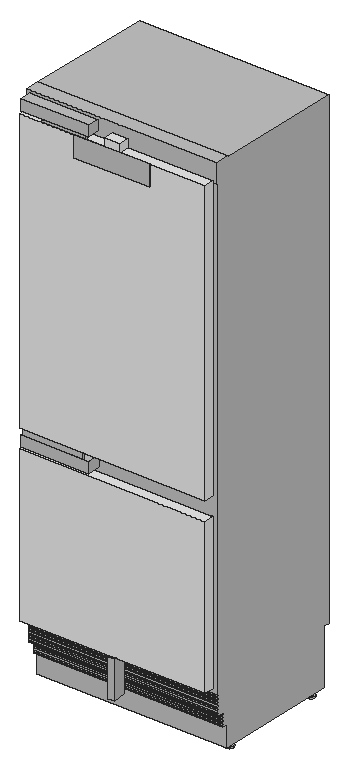
Revit family "FP-Revit20-en-RS3084WLUE1-FridgeFreezer-0-CA-US-90001082A", category Specialty Equipment, Revit 2020
Family settings
  Round Connector Dimension = Use Diameter
  Part Type = Normal
  OmniClass Number = 23.40.40.11.11
  OmniClass Title = Refrigerators and Freezers
  Work Plane-Based = No
  Always vertical = Yes
  Cut with Voids When Loaded = Yes
  Shared = No
  Room Calculation Point = No
Parameters (values of type "RS3084WLUE1")
  Visibility - Water Connection = yes
  Visibility - Visibility Control Note = yes
  Visibility - Clearance Required = yes
  URL = "www.fisherpaykel.com"
  Stainless Steel Door Panels (RD3084WLD) = no
  Product - Width = 756 mm  # constant formula
  Product - Height = 2134 mm  # constant formula
  Product - Depth (exl front panel) = 610 mm  # constant formula
  Model = "RS3084WLUE1"
  Material - Handle = Fisher & Paykel - Aluminium
  Material - Door Structure = Fisher & Paykel - White
  Material - Door Front = Fisher & Paykel - Stainless Steel
  Material - Body = Fisher & Paykel - Grey
  Manufacturer = "Fisher & Paykel Appliances"
  Handle Style - Professional Square (AHV2RD3084W) = no
  Handle Style - Professional Round Flush (AHP3RD3084W) = no
  Handle Style - Professional Round (AHCRD3084W) = no
  Handle Style - Contemporary Square Fine Black (AHD5RD3084WB) = no
  Handle Style - Contemporary Square Fine (AHD5RD3084W) = no
  Handle Style - Contemporary Square (AHD3RD3084W) = no
  Handle Style - Contemporary Round (AHSRD3084W) = no
  Description = "30\" Integrated Column Freezer with internal Ice & Water, White Interior"
  Default Elevation = 0 mm
  Connector Description - Water = "1/4\" (6mm) comp. stainless steel braided hose"
  Connector Description - Electrical = "120 V, 10 amp fused electrical supply"
  Cavity - Width = 762 mm  # constant formula
  Cavity - Height = 2134 mm  # constant formula
  Cavity - Depth = 635 mm  # constant formula
Reference planes
  plane 1 "Datum": y = 0
  plane 2: z = 0
  plane 3 "Center (Left/Right)": x = 0
  plane 4 "Product LHS": x = -378
  plane 5 "Product RHS": x = 378
  plane 6 "Product - Depth": y = 610
  plane 7 "Cavity LHS": x = -381
  plane 8 "Cavity RHS": x = 381
  plane 9 "Cavity - Depth": y = 635
  plane 10 "Handle Offset": x = 315
  plane 11 "Product Height": z = 2134
  plane 12 "Cavity Height": z = 2134
  plane 13 "Door Panel Datum": y = -4.1
Forms (mm)
  Extrusion 1, solid, material "Fisher & Paykel - Grey" <- "Material - Body", detail levels fine
    sketch origin (0, 0, 0) x (0, 1, 0) y (0, 0, 1)
      loop
        line (100.1, 19.1) -> (587.9, 19.1) -> (587.9, 239.7) -> (610, 239.7) -> (610, 2132.3) -> (105.1, 2132.3) -> (105.1, 2134) -> (49.9, 2134) -> (49.9, 2059) -> (56, 2059) -> (56, 228.6) -> (59.5, 228.6) -> (59.5, 219.7) -> (56.5, 219.7) -> (56.5, 215.9) -> (59.5, 215.9) -> (59.5, 207) -> (56.5, 207) -> (56.5, 203.2) -> (59.5, 203.2) -> (59.5, 194.3) -> (56.5, 194.3) -> (56.5, 190.5) -> (59.5, 190.5) -> (59.5, 181.6) -> (56.5, 181.6) -> (56.5, 177.8) -> (59.5, 177.8) -> (59.5, 168.9) -> (56.5, 168.9) -> (56.5, 165.1) -> (59.5, 165.1) -> (59.5, 156.2) -> (56.5, 156.2) -> (56.5, 152.4) -> (84.1, 152.4) -> (84.1, 143.5) -> (81.1, 143.5) -> (81.1, 139.7) -> (84.1, 139.7) -> (84.1, 130.8) -> (81.1, 130.8) -> (81.1, 127) -> (84.1, 127) -> (84.1, 118.1) -> (81.1, 118.1) -> (81.1, 114.3) -> (84.1, 114.3) -> (84.1, 105.4) -> (81.1, 105.4) -> (81.1, 101.6) -> (100.1, 101.6) -> (100.1, 19.1)
    from -378 to 378
  Extrusion 2, solid, material "Fisher & Paykel - Grey" <- "Material - Body"
    sketch origin (0, 0, 0) x (1, 0, 0) y (0, 1, 0)
      loop
        circle (-357.5, 547.8) r 4.1
      loop
        circle (-357.5, 141.8) r 4.1
      loop
        circle (357.5, 547.8) r 4.1
      loop
        circle (357.5, 141.8) r 4.1
    from 3 to 19.1
  Extrusion 3, solid, material "Fisher & Paykel - Grey" <- "Material - Body"
    sketch origin (0, 0, 0) x (1, 0, 0) y (0, 1, 0)
      loop
        circle (-357.5, 547.8) r 14.5
      loop
        circle (-357.5, 141.8) r 14.555
      loop
        circle (357.5, 547.8) r 14.5
      loop
        circle (357.5, 141.8) r 14.555
    from 0 to 3
  Extrusion 4, solid, material "Fisher & Paykel - Grey" <- "Material - Body", detail levels fine
    sketch origin (0, 0, 0) x (1, 0, 0) y (0, 1, 0)
      loop
        line (-7.5, 49) -> (-13.797, -4.1) -> (13.797, -4.1) -> (7.5, 49) -> (-7.5, 49)
    from 104.2 to 253.8
  Extrusion 5, solid, material "Fisher & Paykel - Grey" <- "Material - Body", detail levels fine
    sketch origin (0, 0, 0) x (0, 1, 0) y (0, 0, 1)
      loop
        line (0, 2070.6) -> (0, 1988.6) -> (2, 1988.6) -> (2, 2068.6) -> (4, 2068.6) -> (4, 2070.6) -> (0, 2070.6)
    from -150 to 150
  Extrusion 6, solid, material "Fisher & Paykel - Grey" <- "Material - Body"
    sketch origin (0, 0, 0) x (1, 0, 0) y (0, 0, 1)
      loop
        circle (303, 119.813) r 5
      loop
        circle (-303, 119.813) r 5
    from -590 to -587.9
  Extrusion 7, solid, material "Fisher & Paykel - White" <- "Material - Door Structure"
    sketch origin (0, 0, 0) x (1, 0, 0) y (0, 1, 0)
      loop
        line (-353, 56) -> (-353, 42) -> (353, 42) -> (353, 56) -> (-353, 56)
    from 951.3 to 2030.7
  Extrusion 8, solid, material "Fisher & Paykel - White" <- "Material - Door Structure"
    sketch origin (0, 0, 0) x (1, 0, 0) y (0, 1, 0)
      loop
        line (-369.4, 42) -> (-369.4, 3) -> (369.4, 3) -> (369.4, 42) -> (-369.4, 42)
    from 943.8 to 2068.6
  Extrusion 9, solid, material "Fisher & Paykel - White" <- "Material - Door Structure", detail levels fine
    sketch origin (0, 0, 0) x (1, 0, 0) y (0, 0, 1)
      loop
        line (-29.5, 2100.1) -> (-29.5, 2068.6) -> (29.5, 2068.6) -> (29.5, 2100.1) -> (-29.5, 2100.1)
    from -42 to -3
  Extrusion 10, solid, material "Fisher & Paykel - Stainless Steel" <- "Material - Door Front", visible <- "Stainless Steel Door Panels (RD3084WLD)"
    sketch origin (0, 0, 0) x (0, 1, 0) y (0, 0, 1)
      loop
        line (-22.1, 2130.8) -> (-22.1, 876.3) -> (-4.1, 876.3) -> (-4.1, 2130.8) -> (-22.1, 2130.8)
      loop
        line (-22.1, 102) -> (-4.1, 102) -> (-4.1, 873.1) -> (-22.1, 873.1) -> (-22.1, 102)
    from -378 to 378
  Extrusion 11, solid, material "Fisher & Paykel - Grey" <- "Material - Body", detail levels coarse+medium
    sketch origin (0, 0, 0) x (0, 1, 0) y (0, 0, 1)
      loop
        line (49.9, 2134) -> (49.9, 2059) -> (56, 2059) -> (56, 152.4) -> (81.1, 152.4) -> (81.1, 101.6) -> (100.1, 101.6) -> (100.1, 19.1) -> (587.9, 19.1) -> (587.9, 239.7) -> (610, 239.7) -> (610, 2134) -> (49.9, 2134)
    from -378 to 378
  Extrusion 12, solid, material "Fisher & Paykel - Grey" <- "Material - Body", detail levels fine
    sketch origin (0, 0, 0) x (-1, 0, 0) y (0, 0, -1)
      loop
        line (366.4, -877.25) -> (95.42, -877.25) -> (95.42, -919.35) -> (366.4, -919.35) -> (366.4, -877.25)
    from -56 to -2.5
  Extrusion 13, solid, material "Fisher & Paykel - Grey" <- "Material - Body", detail levels fine
    sketch origin (0, 0, 0) x (-1, 0, 0) y (0, 0, -1)
      loop
        line (366.4, -2123.15) -> (366.4, -2081.05) -> (95.42, -2081.05) -> (95.42, -2123.15) -> (366.4, -2123.15)
    from -49 to -2.5
  Extrusion 14, solid, material "Fisher & Paykel - Grey" <- "Material - Body", detail levels fine
    sketch origin (0, 0, -4) x (0, 1, 0) y (0, 0, 1)
      loop
        arc (163.888, 23.1) -> (180.4, 13.63) -> (196.912, 23.1) r 19.13
        line (196.912, 23.1) -> (163.888, 23.1)
      loop
        arc (493.888, 23.1) -> (510.4, 13.63) -> (526.912, 23.1) r 19.13
        line (526.912, 23.1) -> (493.888, 23.1)
    from 191 to 219
  Extrusion 15, solid, material "Fisher & Paykel - Grey" <- "Material - Body", detail levels fine
    sketch origin (0, 0, -4) x (0, 1, 0) y (0, 0, -1)
      loop
        line (163.888, -23.1) -> (196.912, -23.1)
        arc (196.912, -23.1) -> (180.4, -13.63) -> (163.888, -23.1) r 19.13
      loop
        line (493.888, -23.1) -> (526.912, -23.1)
        arc (526.912, -23.1) -> (510.4, -13.63) -> (493.888, -23.1) r 19.13
    from 191 to 219
  Extrusion 16, solid, material "Fisher & Paykel - Clearance Required", visible <- "Visibility - Clearance Required", detail levels coarse
    sketch origin (0, 0, 0) x (1, 0, 0) y (0, 1, 0)
      loop
        line (-381, 635) -> (-381, -4.1) -> (381, -4.1) -> (381, 635) -> (-381, 635)
    from 0 to 2134
  Extrusion 17, void
    sketch origin (0, 0, 0) x (1, 0, 0) y (0, 1, 0)
      loop
        line (-381, 635) -> (-381, -22.1) -> (381, -22.1) -> (381, 635) -> (-381, 635)
    from 0 to 2134
  Extrusion 18, solid, material "Fisher & Paykel - Grey" <- "Material - Body", detail levels fine
    sketch origin (0, 0, 0) x (-1, 0, 0) y (0, 0, -1)
      loop
        line (118.4, -943.8) -> (359.4, -943.8) -> (359.4, -919.35) -> (118.4, -919.35) -> (118.4, -943.8)
      loop
        line (106, -2081.05) -> (242.9, -2081.05) -> (282.9, -2076.05) -> (282.9, -2068.6) -> (106, -2068.6) -> (106, -2081.05)
    from -7 to -4
  Extrusion 19, solid, material "Fisher & Paykel - White" <- "Material - Door Structure"
    sketch origin (0, 0, 0) x (1, 0, 0) y (0, 1, 0)
      loop
        line (-369.4, 42) -> (-369.4, 3) -> (369.4, 3) -> (369.4, 42) -> (-369.4, 42)
    from 253.8 to 868.15
  Extrusion 20, solid, material "Fisher & Paykel - White" <- "Material - Door Structure"
    sketch origin (0, 0, 0) x (1, 0, 0) y (0, 1, 0)
      loop
        line (-353, 56) -> (-353, 42) -> (353, 42) -> (353, 56) -> (-353, 56)
    from 269.2 to 858.13
  Extrusion 21, solid, material "Fisher & Paykel - Clearance Required", visible <- "Visibility - Clearance Required", detail levels coarse
    sketch origin (0, 0, 0) x (0, 1, 0) y (0, 0, 1)
      loop
        line (-422.1, 873.1) -> (-422.1, 818.896) -> (-482.1, 818.896) -> (-482.1, 781.896) -> (-422.1, 781.896) -> (-422.1, 101.6) -> (-22.1, 101.6) -> (-22.1, 873.1) -> (-422.1, 873.1)
    from -381 to 381
  Extrusion 22, solid, material "Fisher & Paykel - Clearance Required", visible <- "Visibility - Clearance Required", detail levels coarse
    sketch origin (0, -0.697, 0) x (-1, 0, 0) y (0, -1, 0)
      loop
        line (301.5, 21.403) -> (378, 21.403)
        arc (378, 21.403) -> (380.992, 56.377) -> (415.915, 59.919) r 27.5
        line (415.915, 59.919) -> (697.006, 664.698) -> (723.252, 652.5)
        arc (723.252, 652.5) -> (747.815, 661.439) -> (738.875, 686.002) r 18.483
        line (738.875, 686.002) -> (712.602, 698.253) -> (734.604, 745.593)
        arc (734.604, 745.593) -> (-22.015, 691.254) -> (-378, 21.403) r 783.517
        line (-378, 21.403) -> (301.5, 21.403)
    from 876.3 to 2134
Lines and regions (mm)
  model lines, style "Fisher & Paykel"
    curve 1: line (-378, -4.1, 2130.8) -> (378, -4.1, 2130.8)
    curve 2: line (-378, -4.1, 876.3) -> (-378, -4.1, 2130.8)
    curve 3: line (378, -4.1, 876.3) -> (-378, -4.1, 876.3)
    curve 4: line (378, -4.1, 2130.8) -> (378, -4.1, 876.3)
    curve 5: line (378, -4.1, 873.1) -> (-378, -4.1, 873.1)
    curve 6: line (378, -4.1, 102) -> (378, -4.1, 873.1)
    curve 7: line (-378, -4.1, 102) -> (378, -4.1, 102)
    curve 8: line (-378, -4.1, 873.1) -> (-378, -4.1, 102)
Text (mm)
  text "Due to ongoing product development, product details are subject to change without notice. \nPlease always refer to www.fisherpaykel.com for the most current product information. \n© Fisher & Paykel 2020" at (41.04, -878.295, 0), in view "Ref. Level (Plan)"
Dimensions and locks
  equal spacing: plane 4 "Product LHS", plane 3 "Center (Left/Right)", plane 5 "Product RHS"
  "Product - Width": plane 4 "Product LHS" to plane 5 "Product RHS"
  "Product - Depth (exl front panel)": plane 1 "Datum" to plane 6 "Product - Depth"
  equal spacing: plane 7 "Cavity LHS", plane 3 "Center (Left/Right)", plane 8 "Cavity RHS"
  "Cavity - Width": plane 7 "Cavity LHS" to plane 8 "Cavity RHS"
  "Cavity - Depth": plane 9 "Cavity - Depth" to plane 1 "Datum"
  plane 4 "Product LHS" to Extrusion 2 sketch curve = 24.6 mm
  plane 4 "Product LHS" to plane 10 "Handle Offset" = 693 mm
  Extrusion 6 sketch curve to Extrusion 1 = 119.887 mm  (x2)
  Extrusion 6 sketch curve to plane 5 "Product RHS" = 75 mm
  plane 4 "Product LHS" to Extrusion 6 sketch curve = 75 mm
  Extrusion 1 sketch curve to Extrusion 1 sketch curve = 82.5 mm
  Extrusion 1 sketch curve to Extrusion 1 sketch curve = 209.5 mm
  Extrusion 1 sketch curve to Extrusion 1 sketch curve = 220.6 mm
  Extrusion 3 to level = 3 mm
  Extrusion 11 to Extrusion 8 = 924.7 mm
  Extrusion 11 to Extrusion 7 = 932.2 mm
  Extrusion 11 to Extrusion 11 = 2114.9 mm
  Extrusion 11 to Extrusion 10 = 82.9 mm
  "Product - Height": level to plane 11 "Product Height"
  plane 11 "Product Height" to Extrusion 10 = 3.2 mm
  Extrusion 8 to plane 11 "Product Height" = 65.4 mm
  Extrusion 7 to plane 11 "Product Height" = 103.3 mm
  Extrusion 11 sketch curve to plane 11 "Product Height" = 75 mm
  Extrusion 1 sketch curve to plane 11 "Product Height" = 1.7 mm
  Extrusion 1 sketch curve to plane 11 "Product Height" = 75 mm
  "Cavity - Height": plane 12 "Cavity Height" to level
  plane 1 "Datum" to Extrusion 16 = 635 mm
  plane 1 "Datum" to Extrusion 17 = 635 mm
  Extrusion 18 sketch curve to Extrusion 18 sketch curve = 40 mm
  Extrusion 18 sketch curve to Extrusion 18 sketch curve = 176.9 mm
  plane 3 "Center (Left/Right)" to Extrusion 18 sketch curve = 106 mm
  plane 3 "Center (Left/Right)" to Extrusion 18 sketch curve = 118.4 mm
  Extrusion 17 to level = 2134 mm
  Extrusion 1 to Extrusion 12 sketch curve = 282.58 mm
  Extrusion 1 to Extrusion 13 sketch curve = 282.58 mm
  radius of Extrusion 6 sketch curve = 5 mm
  aligned and locked: level to plane 2
  aligned and locked: Extrusion 10 to plane 5 "Product RHS"
  aligned and locked: plane 4 "Product LHS" to Extrusion 10
  aligned and locked: Extrusion 11 to plane 5 "Product RHS"
  aligned and locked: Extrusion 11 to plane 4 "Product LHS"
  aligned and locked: Extrusion 11 sketch curve to plane 11 "Product Height"
  aligned and locked: plane 11 "Product Height" to Extrusion 1 sketch curve
  aligned and locked: Extrusion 14 sketch curve to Extrusion 14 sketch curve
  aligned and locked: Extrusion 15 sketch curve to Extrusion 15 sketch curve
  aligned and locked: Extrusion 1 to plane 5 "Product RHS"
  aligned and locked: plane 4 "Product LHS" to Extrusion 1
  aligned and locked: nested 2 to plane 10 "Handle Offset"
  aligned and locked: nested 3 to plane 10 "Handle Offset"
  aligned and locked: nested 4 to plane 10 "Handle Offset"
  aligned and locked: nested 5 to plane 10 "Handle Offset"
  aligned and locked: nested 6 to plane 10 "Handle Offset"
  aligned and locked: nested 7 to plane 10 "Handle Offset"
  aligned and locked: nested 8 to plane 10 "Handle Offset"
Automatic sketch dimensions
  Extrusion 1 sketch curve to plane 6 "Product - Depth" = 0 mm
  Extrusion 1 sketch curve to Extrusion 1 sketch curve = 22.1 mm
  Extrusion 1 sketch curve to plane 1 "Datum" = 105.1 mm
  level to Extrusion 1 sketch curve = 19.1 mm
  Extrusion 1 sketch curve to plane 1 "Datum" = 100.1 mm
  Extrusion 1 sketch curve to Extrusion 1 sketch curve = 16 mm
  Extrusion 1 sketch curve to Extrusion 1 sketch curve = 0 mm  (x8)
  Extrusion 1 sketch curve to Extrusion 1 sketch curve = 3 mm  (x10)
  Extrusion 1 sketch curve to plane 1 "Datum" = 59.5 mm
  Extrusion 1 sketch curve to plane 1 "Datum" = 56 mm
  Extrusion 1 sketch curve to plane 1 "Datum" = 49.9 mm
  Extrusion 1 sketch curve to Extrusion 1 sketch curve = 3.8 mm  (x10)
  Extrusion 1 sketch curve to Extrusion 1 sketch curve = 8.9 mm  (x9)
  Extrusion 2 sketch curve to plane 4 "Product LHS" = 20.5 mm  (x2)
  plane 5 "Product RHS" to Extrusion 2 sketch curve = 20.5 mm  (x2)
  Extrusion 2 sketch curve to plane 1 "Datum" = 141.8 mm  (x2)
  Extrusion 2 sketch curve to plane 6 "Product - Depth" = 62.2 mm  (x2)
  Extrusion 3 sketch curve to plane 4 "Product LHS" = 20.5 mm  (x2)
  plane 5 "Product RHS" to Extrusion 3 sketch curve = 20.5 mm  (x2)
  Extrusion 3 sketch curve to plane 1 "Datum" = 141.8 mm  (x2)
  Extrusion 3 sketch curve to plane 6 "Product - Depth" = 62.2 mm  (x2)
  plane 1 "Datum" to Extrusion 4 sketch curve = 4.1 mm
  Extrusion 4 sketch curve to plane 3 "Center (Left/Right)" = 13.797 mm
  Extrusion 4 sketch curve to plane 3 "Center (Left/Right)" = 7.5 mm
  plane 3 "Center (Left/Right)" to Extrusion 4 sketch curve = 7.5 mm
  plane 3 "Center (Left/Right)" to Extrusion 4 sketch curve = 13.797 mm
  Extrusion 4 sketch curve to plane 1 "Datum" = 49 mm
  Extrusion 5 sketch curve to plane 1 "Datum" = 0 mm
  Extrusion 5 sketch curve to plane 1 "Datum" = 2 mm
  Extrusion 5 sketch curve to Extrusion 5 sketch curve = 2 mm  (x2)
  plane 11 "Product Height" to Extrusion 5 sketch curve = 145.4 mm
  plane 11 "Product Height" to Extrusion 5 sketch curve = 65.4 mm
  Extrusion 7 sketch curve to plane 4 "Product LHS" = 25 mm
  plane 5 "Product RHS" to Extrusion 7 sketch curve = 25 mm
  Extrusion 7 sketch curve to plane 1 "Datum" = 42 mm
  Extrusion 7 sketch curve to Extrusion 7 sketch curve = 14 mm
  Extrusion 8 sketch curve to plane 1 "Datum" = 3 mm
  Extrusion 8 sketch curve to plane 4 "Product LHS" = 8.6 mm
  plane 5 "Product RHS" to Extrusion 8 sketch curve = 8.6 mm
  Extrusion 8 sketch curve to Extrusion 8 sketch curve = 39 mm
  Extrusion 9 sketch curve to plane 3 "Center (Left/Right)" = 29.5 mm
  plane 3 "Center (Left/Right)" to Extrusion 9 sketch curve = 29.5 mm
  plane 11 "Product Height" to Extrusion 9 sketch curve = 65.4 mm
  Extrusion 9 sketch curve to Extrusion 9 sketch curve = 31.5 mm
  Extrusion 11 sketch curve to plane 6 "Product - Depth" = 0 mm
  Extrusion 11 sketch curve to plane 6 "Product - Depth" = 22.1 mm
  Extrusion 11 sketch curve to plane 1 "Datum" = 100.1 mm
  Extrusion 11 sketch curve to Extrusion 11 sketch curve = 19 mm
  Extrusion 11 sketch curve to plane 1 "Datum" = 56 mm
  Extrusion 11 sketch curve to plane 1 "Datum" = 49.9 mm
  level to Extrusion 11 sketch curve = 239.7 mm
  level to Extrusion 11 sketch curve = 152.4 mm
  Extrusion 11 sketch curve to Extrusion 11 sketch curve = 50.8 mm
  level to Extrusion 11 sketch curve = 19.1 mm
  plane 4 "Product LHS" to Extrusion 12 sketch curve = 11.6 mm
  Extrusion 12 sketch curve to level = 877.25 mm
  Extrusion 12 sketch curve to Extrusion 12 sketch curve = 42.1 mm
  plane 4 "Product LHS" to Extrusion 13 sketch curve = 11.6 mm
  Extrusion 13 sketch curve to plane 11 "Product Height" = 52.95 mm
  Extrusion 13 sketch curve to plane 11 "Product Height" = 10.85 mm
  level to Extrusion 14 sketch curve = 19.1 mm
  Extrusion 14 sketch curve to plane 1 "Datum" = 163.888 mm
  Extrusion 14 sketch curve to Extrusion 14 sketch curve = 16.512 mm  (x2)
  Extrusion 14 sketch curve to plane 6 "Product - Depth" = 116.112 mm
  Extrusion 14 sketch curve to Extrusion 14 sketch curve = 9.66 mm  (x2)
  level to Extrusion 15 sketch curve = 19.1 mm
  Extrusion 15 sketch curve to plane 1 "Datum" = 163.888 mm
  Extrusion 15 sketch curve to Extrusion 15 sketch curve = 16.512 mm  (x2)
  Extrusion 15 sketch curve to plane 6 "Product - Depth" = 116.112 mm
  Extrusion 15 sketch curve to Extrusion 15 sketch curve = 9.66 mm  (x2)
  Extrusion 16 sketch curve to plane 7 "Cavity LHS" = 0 mm
  Extrusion 16 sketch curve to plane 8 "Cavity RHS" = 0 mm
  Extrusion 16 sketch curve to plane 9 "Cavity - Depth" = 0 mm
  plane 1 "Datum" to Extrusion 16 sketch curve = 4.1 mm
  Extrusion 17 sketch curve to plane 7 "Cavity LHS" = 0 mm
  Extrusion 17 sketch curve to plane 8 "Cavity RHS" = 0 mm
  plane 9 "Cavity - Depth" to Extrusion 17 sketch curve = 0 mm
  plane 1 "Datum" to Extrusion 17 sketch curve = 22.1 mm
  plane 4 "Product LHS" to Extrusion 18 sketch curve = 18.6 mm
  Extrusion 18 sketch curve to level = 919.35 mm
  Extrusion 18 sketch curve to Extrusion 18 sketch curve = 24.45 mm
  Extrusion 18 sketch curve to plane 11 "Product Height" = 65.4 mm
  Extrusion 18 sketch curve to Extrusion 18 sketch curve = 7.45 mm
  Extrusion 18 sketch curve to Extrusion 18 sketch curve = 5 mm
  Extrusion 19 sketch curve to plane 1 "Datum" = 3 mm
  Extrusion 19 sketch curve to plane 4 "Product LHS" = 8.6 mm
  plane 5 "Product RHS" to Extrusion 19 sketch curve = 8.6 mm
  Extrusion 19 sketch curve to Extrusion 19 sketch curve = 39 mm
  Extrusion 20 sketch curve to plane 4 "Product LHS" = 25 mm
  plane 5 "Product RHS" to Extrusion 20 sketch curve = 25 mm
  Extrusion 20 sketch curve to plane 1 "Datum" = 42 mm
  Extrusion 20 sketch curve to Extrusion 20 sketch curve = 14 mm
  plane 1 "Datum" to Extrusion 21 sketch curve = 482.1 mm
  Extrusion 21 sketch curve to Extrusion 21 sketch curve = 60 mm
  Extrusion 21 sketch curve to Extrusion 21 sketch curve = 0 mm
  plane 1 "Datum" to Extrusion 21 sketch curve = 22.1 mm
  level to Extrusion 21 sketch curve = 101.6 mm
  Extrusion 21 sketch curve to Extrusion 21 sketch curve = 680.296 mm
  Extrusion 21 sketch curve to Extrusion 21 sketch curve = 37 mm
  Extrusion 21 sketch curve to Extrusion 21 sketch curve = 54.204 mm
  Extrusion 22 sketch curve to plane 5 "Product RHS" = 0 mm
  Extrusion 22 sketch curve to plane 1 "Datum" = 22.1 mm
  plane 4 "Product LHS" to Extrusion 22 sketch curve = 76.5 mm
  plane 4 "Product LHS" to Extrusion 22 sketch curve = 0 mm
  Extrusion 22 sketch curve to plane 7 "Cavity LHS" = 19.59 mm
  Extrusion 22 sketch curve to Extrusion 22 sketch curve = 4.816 mm
  Extrusion 22 sketch curve to Extrusion 22 sketch curve = 10.509 mm
  Extrusion 22 sketch curve to plane 7 "Cavity LHS" = 316.006 mm
  Extrusion 22 sketch curve to Extrusion 22 sketch curve = 15.596 mm
  Extrusion 22 sketch curve to Extrusion 22 sketch curve = 26.246 mm
  Extrusion 22 sketch curve to Extrusion 22 sketch curve = 7.811 mm  (x2)
  Extrusion 22 sketch curve to Extrusion 22 sketch curve = 22.003 mm
  Extrusion 22 sketch curve to Extrusion 22 sketch curve = 13.185 mm
  Extrusion 22 sketch curve to Extrusion 22 sketch curve = 2.497 mm
  Extrusion 22 sketch curve to Extrusion 22 sketch curve = 93.093 mm
  Extrusion 22 sketch curve to Extrusion 22 sketch curve = 16.751 mm
  Extrusion 22 sketch curve to Extrusion 22 sketch curve = 12.251 mm
  plane 11 "Product Height" to Extrusion 10 sketch curve = 3.2 mm
  plane 1 "Datum" to Extrusion 10 sketch curve = 22.1 mm
  plane 1 "Datum" to Extrusion 10 sketch curve = 4.1 mm  (x2)
  level to Extrusion 10 sketch curve = 102 mm
  Extrusion 10 sketch curve to Extrusion 10 sketch curve = 774.3 mm
  Extrusion 10 sketch curve to Extrusion 10 sketch curve = 3.2 mm
  Extrusion 10 sketch curve to Extrusion 10 sketch curve = 18 mm
  plane 5 "Product RHS" to curve 5 = 0 mm
  plane 5 "Product RHS" to curve 1 = 0 mm
  plane 4 "Product LHS" to curve 5 = 0 mm
  plane 4 "Product LHS" to curve 2 = 0 mm
  level to curve 6 = 102 mm
  curve 6 to curve 6 = 771.1 mm
  curve 5 to curve 2 = 3.2 mm
  plane 11 "Product Height" to curve 2 = 3.2 mm
  radius of Extrusion 2 sketch curve = 4.1 mm  (x3)
  radius of Extrusion 3 sketch curve = 14.5 mm  (x2)
  radius of Extrusion 3 sketch curve = 14.555 mm  (x2)
  radius of Extrusion 6 sketch curve = 5 mm
Nested families
  nested 1: "Visibility Control Note 18" at (0, 0, 0), visible <- "Visibility - Visibility Control Note", type "Visibility Control Note 18"
  nested 2: "Handle Contemporary Round - Vertical" at (315, -22.1, 1322.58), visible <- "Handle Style - Contemporary Round (AHSRD3084W)", type "AHSRD3084W - Contemporary round handle (1 of 2) (Vertical) 727mm"
  nested 3: "Handle Contemporary Square - Vertical" at (315, -22.1, 1322.58), visible <- "Handle Style - Contemporary Square (AHD3RD3084W)", type "AHD3RD3084W - Contemporary square handle (1 of 2) (Vertical) 727mm"
  nested 4: "F&P Handle Kit - Contemporary Square Fine - Vertical" at (315, -22.1, 1322.58), visible <- "Handle Style - Contemporary Square Fine Black (AHD5RD3084WB)", type "AHD5RD3084WB - Contemporary square fine black handle (1 of 2) (Vertical) 727mm"
  nested 5: "F&P Handle Kit - Contemporary Square Fine - Vertical" at (315, -22.1, 1322.58), visible <- "Handle Style - Contemporary Square Fine (AHD5RD3084W)", type "AHD5RD3084W - Contemporary square fine handle (1 of 2) (Vertical) 727mm"
  nested 6: "Handle Professional Round - Vertical" at (315, -22.1, 1322.58), visible <- "Handle Style - Professional Round (AHCRD3084W)", type "AHCRD3084W - Professional round handle (1 of 2) (Vertical) 661mm"
  nested 7: "Handle Professional Round Flush - Vertical" at (315, -22.1, 1322.58), visible <- "Handle Style - Professional Round Flush (AHP3RD3084W)", type "AHP3RD3084W - Professional round flush handle (1 of 2) (Vertical) 677mm"
  nested 8: "Handle Professional Square - Vertical" at (315, -22.1, 1322.58), visible <- "Handle Style - Professional Square (AHV2RD3084W)", type "AHV2RD3084W - Professional square handle (1 of 2) (Vertical) 727mm"
  nested 9: "Handle Contemporary Round - Horizontal" at (0, -22.1, 800.364), visible <- "Handle Style - Contemporary Round (AHSRD3084W)", type "AHSRD3084W - Contemporary round handle (2 of 2) (Horizontal) 646mm"
  nested 10: "Handle Contemporary Square - Horizontal" at (0, -22.1, 800.364), visible <- "Handle Style - Contemporary Square (AHD3RD3084W)", type "AHD3RD3084W - Contemporary square handle (2 of 2) (Horizontal) 646mm"
  nested 11: "F&P Handle Kit - Contemporary Square Fine - Horizontal" at (0, -22.1, 800.364), visible <- "Handle Style - Contemporary Square Fine Black (AHD5RD3084WB)", type "AHD5RD3084WB - Contemporary square fine black handle (2 of 2) (Horizontal) 646mm"
  nested 12: "Handle Professional Round - Horizontal" at (0, -22.1, 800.364), visible <- "Handle Style - Professional Round (AHCRD3084W)", type "AHCRD3084W - Professional round handle (2 of 2) (Horizontal) 580mm"
  nested 13: "Handle Professional Round Flush - Horizontal" at (0, -22.1, 800.364), visible <- "Handle Style - Professional Round Flush (AHP3RD3084W)", type "AHP3RD3084W - Professional round flush handle (2 of 2) (Horizontal) 596mm"
  nested 14: "Handle Professional Square - Horizontal" at (0, -22.1, 800.364), visible <- "Handle Style - Professional Square (AHV2RD3084W)", type "AHV2RD3084W - Professional square handle (2 of 2) (Horizontal) 586mm"
  nested 15: "F&P Handle Kit - Contemporary Square Fine - Horizontal" at (0, -22.1, 800.364), visible <- "Handle Style - Contemporary Square Fine (AHD5RD3084W)", type "AHD5RD3084W - Contemporary square fine handle (2 of 2) (Horizontal) 646mm"
Connectors
  electrical at (-303, 590, 119.813), driven by "Connector Description - Electrical"
    settings: on Extrusion 6, index 1, voltage 120 V, apparent load 0 VA, apparent load phase1 0 VA, apparent load phase2 0 VA, apparent load phase3 0 VA, power factor 1, load classification "Other", number of poles 1, system type 30, power factor state 1, is connector primary yes, connector utility no, sub classification motor no, connector description "120 V, 10 amp fused electrical supply"
  piping at (303, 590, 119.813), diameter 12.7, driven by "Visibility - Water Connection", driven by "Connector Description - Water"
    settings: on Extrusion 6, index 2, connector inside diameter 609.6 mm, connector length 0 mm, flow factor 0, pipe flow 0.0 L/s, pressure drop 0.0 Pa, fitting loss kfactor 0, connector angle 0.00°, fixture units 0, engagement length 0 mm, angle of deflection 0.00°, flow configuration 0, flow direction 1, fitting loss method 0, system type 20, joint type 0, gender type 0, connector reference index -1, connector utility 1, adjustable connector no, is connector primary yes, connector description "1/4\" (6mm) comp. stainless steel braided hose"
Definition of nested family "Handle Contemporary Round - Vertical"
  Parameters (values of type "AHSRS80A - Contemporary round handle (1 of 2) (Vertical) 727mm")
    URL = "www.fisherpaykel.com"
    Material - Handle = none
    Manufacturer = "Fisher & Paykel Appliances"
    Handle - Length = 727 mm
    Default Elevation = 0 mm
  Types (6, lengths in mm): name | Handle - Length
    AHS-RD21 - Contemporary round handle (Vertical) 852mm | 852
    AHSRD2484W - Contemporary round handle (1 of 2) (Vertical) 727mm | 727
    AHSRD3084W - Contemporary round handle (1 of 2) (Vertical) 727mm | 727
    AHS-RD84 - Contemporary round handle (Vertical) 852mm | 852
    AHSRS3272A - Contemporary round handle (1 of 2) (Vertical) 727mm | 727
    AHSRS80A - Contemporary round handle (1 of 2) (Vertical) 727mm | 727
  Reference planes
    plane 1 "Center (Front/Back)": y = 0
    plane 2: z = 0
    plane 3 "Center (Left/Right)": x = 0
    plane 4 "Top": z = 363.5
    plane 5 "Bottom": z = -363.5
    plane 6 "Top Standoff": z = 243.5
    plane 7 "Bottom Standoff": z = -243.5
  Forms (mm)
    Extrusion 1, solid, material <- "Material - Handle"
      sketch origin (0, 0, 0) x (1, 0, 0) y (0, 1, 0)
        loop
          circle (0, -32.3) r 8.7
      from -243.5 to 243.5
    Extrusion 2, solid, material <- "Material - Handle", detail levels fine
      sketch origin (0, 0, 0) x (1, 0, 0) y (0, 1, 0)
        loop
          line (-8.7, 0) -> (-8.7, -32.3)
          arc (-8.7, -32.3) -> (0, -41) -> (8.7, -32.3) r 8.7
          line (8.7, -32.3) -> (8.7, 0) -> (-8.7, 0)
      from 243.5 to 363.5
    Extrusion 3, solid, material <- "Material - Handle", detail levels fine
      sketch origin (0, 0, 0) x (1, 0, 0) y (0, 1, 0)
        loop
          line (-8.7, 0) -> (-8.7, -32.3)
          arc (-8.7, -32.3) -> (0, -41) -> (8.7, -32.3) r 8.7
          line (8.7, -32.3) -> (8.7, 0) -> (-8.7, 0)
      from -363.5 to -243.5
    Sweep 4, void
      path in 3D
        loop
          line (8.7, 0, -363.5) -> (8.7, -32.3, -363.5)
          arc (8.7, -32.3, -363.5) -> (0, -41, -363.5) -> (-8.7, -32.3, -363.5) r 8.7
          line (-8.7, -32.3, -363.5) -> (-8.7, 0, -363.5)
      profile origin (8.7, -16.15, -363.5) x (-1, 0, 0) y (0, 0, -1)
        loop
          line (0, 0) -> (0, -1) -> (1, 0) -> (0, 0)
    Sweep 5, void
      path in 3D
        loop
          line (-8.7, 0, 363.5) -> (-8.7, -32.3, 363.5)
          arc (-8.7, -32.3, 363.5) -> (0, -41, 363.5) -> (8.7, -32.3, 363.5) r 8.7
          line (8.7, -32.3, 363.5) -> (8.7, 0, 363.5)
      profile origin (8.7, -16.15, 363.5) x (-1, 0, 0) y (0, 0, 1)
        loop
          line (0, 0) -> (0, -1) -> (1, 0) -> (0, 0)
    Extrusion 6, solid, material <- "Material - Handle", detail levels coarse+medium
      sketch origin (0, 0, 0) x (1, 0, 0) y (0, 1, 0)
        loop
          line (-8.7, 0) -> (-8.7, -32.3)
          arc (-8.7, -32.3) -> (0, -41) -> (8.7, -32.3) r 8.7
          line (8.7, -32.3) -> (8.7, 0) -> (-8.7, 0)
      from 243.5 to 363.5
    Extrusion 7, solid, material <- "Material - Handle", detail levels coarse+medium
      sketch origin (0, 0, 0) x (1, 0, 0) y (0, 1, 0)
        loop
          line (-8.7, 0) -> (-8.7, -32.3)
          arc (-8.7, -32.3) -> (0, -41) -> (8.7, -32.3) r 8.7
          line (8.7, -32.3) -> (8.7, 0) -> (-8.7, 0)
      from -363.5 to -243.5
  Cuts and joins
    Sweep 4 cuts Extrusion 3
    Sweep 5 cuts Extrusion 2
  Lines and regions (mm)
    sketch lines
      curve 1: line (8.7, 0, -363.5) -> (8.7, -32.3, -363.5)
      curve 2: arc (-8.7, -32.3, -363.5) -> (0, -41, -363.5) -> (8.7, -32.3, -363.5) r 8.7
      curve 3: line (-8.7, -32.3, -363.5) -> (-8.7, 0, -363.5)
      curve 4: line (8.7, -32.3, 363.5) -> (8.7, 0, 363.5)
      curve 5: arc (8.7, -32.3, 363.5) -> (0, -41, 363.5) -> (-8.7, -32.3, 363.5) r 8.7
      curve 6: line (-8.7, 0, 363.5) -> (-8.7, -32.3, 363.5)
  Dimensions and locks
    equal spacing: plane 4 "Top", level, plane 5 "Bottom"
    "Handle - Length": plane 4 "Top" to plane 5 "Bottom"
    locked: plane 4 "Top" to plane 6 "Top Standoff" at 120
    locked: plane 7 "Bottom Standoff" to plane 5 "Bottom" at 120
    Extrusion 2 sketch curve to Extrusion 2 sketch curve = 17.4 mm
    Extrusion 3 sketch curve to Extrusion 3 sketch curve = 17.4 mm
    Extrusion 6 sketch curve to Extrusion 6 sketch curve = 17.4 mm
    Extrusion 7 sketch curve to Extrusion 7 sketch curve = 17.4 mm
    aligned and locked: level to plane 2
    aligned and locked: plane 4 "Top" to Extrusion 2
    aligned and locked: Extrusion 3 to plane 5 "Bottom"
    aligned and locked: plane 7 "Bottom Standoff" to Extrusion 3
    aligned and locked: Extrusion 1 to plane 7 "Bottom Standoff"
    aligned and locked: plane 6 "Top Standoff" to Extrusion 1
    aligned and locked: Extrusion 2 to Extrusion 1
    aligned and locked: Extrusion 6 to Extrusion 1
    aligned and locked: plane 4 "Top" to Extrusion 6
    aligned and locked: Extrusion 7 to Extrusion 1
    aligned and locked: Extrusion 7 to plane 5 "Bottom"
  Automatic sketch dimensions
    Extrusion 1 sketch curve to plane 3 "Center (Left/Right)" = 0 mm
    plane 1 "Center (Front/Back)" to Extrusion 1 sketch curve = 32.3 mm
    plane 1 "Center (Front/Back)" to Extrusion 2 sketch curve = 0 mm
    Extrusion 2 sketch curve to plane 3 "Center (Left/Right)" = 0 mm
    Extrusion 2 sketch curve to plane 3 "Center (Left/Right)" = 8.7 mm
    plane 1 "Center (Front/Back)" to Extrusion 2 sketch curve = 32.3 mm
    plane 1 "Center (Front/Back)" to Extrusion 3 sketch curve = 0 mm
    Extrusion 3 sketch curve to plane 3 "Center (Left/Right)" = 0 mm
    Extrusion 3 sketch curve to plane 3 "Center (Left/Right)" = 8.7 mm
    plane 1 "Center (Front/Back)" to Extrusion 3 sketch curve = 32.3 mm
    Sweep 4 sketch curve to profile plane = 0 mm  (x2)
    Sweep 4 sketch curve to profile plane = 1 mm  (x2)
    Sweep 5 sketch curve to profile plane = 0 mm  (x2)
    Sweep 5 sketch curve to profile plane = 1 mm  (x2)
    Extrusion 6 sketch curve to plane 3 "Center (Left/Right)" = 0 mm
    Extrusion 6 sketch curve to plane 3 "Center (Left/Right)" = 8.7 mm
    plane 1 "Center (Front/Back)" to Extrusion 6 sketch curve = 32.3 mm
    Extrusion 6 sketch curve to Extrusion 6 sketch curve = 32.3 mm
    Extrusion 7 sketch curve to plane 3 "Center (Left/Right)" = 0 mm
    Extrusion 7 sketch curve to plane 3 "Center (Left/Right)" = 8.7 mm
    plane 1 "Center (Front/Back)" to Extrusion 7 sketch curve = 32.3 mm
    Extrusion 7 sketch curve to Extrusion 7 sketch curve = 32.3 mm
    radius of Extrusion 1 sketch curve = 8.7 mm
Definition of nested family "Handle Contemporary Square - Vertical"
  Parameters (values of type "AHD3RS80A - Contemporary square handle (1 of 2) (Vertical) 727mm")
    URL = "www.fisherpaykel.com"
    Material - Handle = none
    Manufacturer = "Fisher & Paykel Appliances"
    Handle - Length = 727 mm
    Default Elevation = 0 mm
  Types (7, lengths in mm): name | Handle - Length
    (no name) | 727
    AHD3-RD21 - Contemporary square handle (Vertical) 852mm | 852
    AHD3RD2484W - Contemporary square handle (1 of 2) (Vertical) 727mm | 727
    AHD3RD3084W - Contemporary square handle (1 of 2) (Vertical) 727mm | 727
    AHD3-RD84 - Contemporary square handle (Vertical) 852mm | 852
    AHD3RS3272A - Contemporary square handle (1 of 2) (Vertical) 727mm | 727
    AHD3RS80A - Contemporary square handle (1 of 2) (Vertical) 727mm | 727
  Reference planes
    plane 1 "Center (Front/Back)": y = 0
    plane 2: z = 0
    plane 3 "Center (Left/Right)": x = 0
    plane 4 "Top": z = 363.5
    plane 5 "Bottom": z = -363.5
    plane 6 "Top Standoff": z = 243.5
    plane 7 "Bottom Standoff": z = -243.5
  Forms (mm)
    Extrusion 1, solid, material <- "Material - Handle", detail levels fine
      sketch origin (0, 0, 0) x (1, 0, 0) y (0, 1, 0)
        loop
          arc (-7.583, -28.701) -> (-7.89, -29.057) -> (-8, -29.514) r 1
          line (-8, -29.514) -> (-8, -40.5)
          arc (-8, -40.5) -> (-7.561, -41.561) -> (-6.5, -42) r 1.5
          line (-6.5, -42) -> (6.5, -42)
          arc (6.5, -42) -> (7.561, -41.561) -> (8, -40.5) r 1.5
          line (8, -40.5) -> (8, -29.487)
          arc (8, -29.487) -> (7.889, -29.029) -> (7.58, -28.673) r 1
          arc (7.58, -28.673) -> (-0.006, -26.256) -> (-7.583, -28.701) r 13.038
      from -363.5 to 363.5
    Extrusion 2, solid, material <- "Material - Handle", detail levels fine
      sketch origin (0, 0, 0) x (1, 0, 0) y (0, 1, 0)
        loop
          arc (7.058, -28.23) -> (7.466, -28.244) -> (7.674, -27.893) r 0.4
          line (7.674, -27.893) -> (7.674, 0) -> (-7.674, 0) -> (-7.674, -27.86)
          arc (-7.674, -27.86) -> (-7.467, -28.21) -> (-7.06, -28.198) r 0.4
          arc (-7.06, -28.198) -> (0.004, -26.156) -> (7.058, -28.23) r 13.136
      from 243.5 to 363.5
    Extrusion 3, solid, material <- "Material - Handle", detail levels fine
      sketch origin (0, 0, 0) x (1, 0, 0) y (0, 1, 0)
        loop
          arc (7.058, -28.23) -> (7.466, -28.244) -> (7.674, -27.893) r 0.4
          line (7.674, -27.893) -> (7.674, 0) -> (-7.674, 0) -> (-7.674, -27.86)
          arc (-7.674, -27.86) -> (-7.467, -28.21) -> (-7.06, -28.198) r 0.4
          arc (-7.06, -28.198) -> (0.004, -26.156) -> (7.058, -28.23) r 13.136
      from -363.5 to -243.5
    Sweep 4, void
      path in 3D
        loop
          line (-8, -29.514, 363.5) -> (-8, -40.5, 363.5)
          arc (-8, -40.5, 363.5) -> (-7.561, -41.561, 363.5) -> (-6.5, -42, 363.5) r 1.5
          line (-6.5, -42, 363.5) -> (6.5, -42, 363.5)
          arc (6.5, -42, 363.5) -> (7.561, -41.561, 363.5) -> (8, -40.5, 363.5) r 1.5
          line (8, -40.5, 363.5) -> (8, -29.487, 363.5)
      profile origin (8, -34.994, 363.5) x (-1, 0, 0) y (0, 0, 1)
        loop
          line (0, 0) -> (0, -1.3) -> (1.3, 0) -> (0, 0)
    Sweep 5, void
      path in 3D
        loop
          line (8, -29.487, -363.5) -> (8, -40.5, -363.5)
          arc (8, -40.5, -363.5) -> (7.561, -41.561, -363.5) -> (6.5, -42, -363.5) r 1.5
          line (6.5, -42, -363.5) -> (-6.5, -42, -363.5)
          arc (-6.5, -42, -363.5) -> (-7.561, -41.561, -363.5) -> (-8, -40.5, -363.5) r 1.5
          line (-8, -40.5, -363.5) -> (-8, -29.514, -363.5)
      profile origin (8, -34.994, -363.5) x (-1, 0, 0) y (0, 0, -1)
        loop
          line (0, 0) -> (0, -1.3) -> (1.3, 0) -> (0, 0)
    Extrusion 6, void
      sketch origin (0, 0, 0) x (1, 0, 0) y (0, 0, 1)
        loop
          line (-8, -362.2) -> (-8, -363.5) -> (-6.7, -363.5) -> (-8, -362.2)
        loop
          line (8, -362.2) -> (6.7, -363.5) -> (8, -363.5) -> (8, -362.2)
      from 0 to 40
    Extrusion 7, void
      sketch origin (0, 0, 0) x (1, 0, 0) y (0, 0, 1)
        loop
          line (-8, 363.5) -> (-8, 362.2) -> (-6.7, 363.5) -> (-8, 363.5)
        loop
          line (8, 363.5) -> (6.7, 363.5) -> (8, 362.2) -> (8, 363.5)
      from 0 to 40
    Extrusion 8, solid, material <- "Material - Handle", detail levels coarse+medium
      sketch origin (0, 0, 0) x (0, 1, 0) y (0, 0, 1)
        loop
          line (0, 363.5) -> (-42, 363.5) -> (-42, -363.5) -> (0, -363.5) -> (0, -243.5) -> (-26.245, -243.5) -> (-26.245, 243.5) -> (0, 243.5) -> (0, 363.5)
      from -8 to 8
  Cuts and joins
    Sweep 4, Sweep 5, Extrusion 6, Extrusion 7 cuts Extrusion 1
    Extrusion 6 cuts Extrusion 3
    Extrusion 7 cuts Extrusion 2
  Lines and regions (mm)
    sketch lines
      curve 1: line (8, -40.5, 363.5) -> (8, -29.487, 363.5)
      curve 2: arc (8, -40.5, 363.5) -> (7.561, -41.561, 363.5) -> (6.5, -42, 363.5) r 1.5
      curve 3: line (-6.5, -42, 363.5) -> (6.5, -42, 363.5)
      curve 4: arc (-6.5, -42, 363.5) -> (-7.561, -41.561, 363.5) -> (-8, -40.5, 363.5) r 1.5
      curve 5: line (-8, -29.514, 363.5) -> (-8, -40.5, 363.5)
      curve 6: line (8, -29.487, -363.5) -> (8, -40.5, -363.5)
      curve 7: arc (6.5, -42, -363.5) -> (7.561, -41.561, -363.5) -> (8, -40.5, -363.5) r 1.5
      curve 8: line (6.5, -42, -363.5) -> (-6.5, -42, -363.5)
      curve 9: arc (-8, -40.5, -363.5) -> (-7.561, -41.561, -363.5) -> (-6.5, -42, -363.5) r 1.5
      curve 10: line (-8, -40.5, -363.5) -> (-8, -29.514, -363.5)
  Dimensions and locks
    equal spacing: plane 4 "Top", level, plane 5 "Bottom"
    "Handle - Length": plane 4 "Top" to plane 5 "Bottom"
    locked: plane 4 "Top" to plane 6 "Top Standoff" at 120
    locked: plane 7 "Bottom Standoff" to plane 5 "Bottom" at 120
    aligned and locked: level to plane 2
    aligned and locked: plane 4 "Top" to Extrusion 2
    aligned and locked: Extrusion 2 to plane 6 "Top Standoff"
    aligned and locked: plane 4 "Top" to Extrusion 1
    aligned and locked: Extrusion 1 to plane 5 "Bottom"
    aligned and locked: Extrusion 3 to plane 5 "Bottom"
    aligned and locked: plane 7 "Bottom Standoff" to Extrusion 3
    aligned and locked: plane 4 "Top" to Extrusion 8 sketch curve
    aligned and locked: plane 6 "Top Standoff" to Extrusion 8 sketch curve
    aligned and locked: plane 7 "Bottom Standoff" to Extrusion 8 sketch curve
    aligned and locked: plane 5 "Bottom" to Extrusion 8 sketch curve
    aligned and locked: plane 1 "Center (Front/Back)" to Extrusion 8 sketch curve  (x2)
  Automatic sketch dimensions
    Extrusion 1 sketch curve to plane 3 "Center (Left/Right)" = 8 mm
    Extrusion 1 sketch curve to Extrusion 1 sketch curve = 1 mm  (x2)
    Extrusion 1 sketch curve to Extrusion 1 sketch curve = 1.5 mm
    plane 3 "Center (Left/Right)" to Extrusion 1 sketch curve = 0.018 mm
    plane 3 "Center (Left/Right)" to Extrusion 1 sketch curve = 6.5 mm
    plane 3 "Center (Left/Right)" to Extrusion 1 sketch curve = 7 mm
    plane 1 "Center (Front/Back)" to Extrusion 1 sketch curve = 42 mm
    Extrusion 1 sketch curve to Extrusion 1 sketch curve = 1.206 mm
    Extrusion 1 sketch curve to Extrusion 1 sketch curve = 10.986 mm
    Extrusion 1 sketch curve to Extrusion 1 sketch curve = 11.013 mm
    Extrusion 1 sketch curve to Extrusion 1 sketch curve = 0 mm
    plane 1 "Center (Front/Back)" to Extrusion 2 sketch curve = 0 mm
    Extrusion 2 sketch curve to plane 3 "Center (Left/Right)" = 7.674 mm
    Extrusion 2 sketch curve to Extrusion 2 sketch curve = 0.4 mm  (x2)
    Extrusion 2 sketch curve to plane 3 "Center (Left/Right)" = 0.026 mm
    plane 3 "Center (Left/Right)" to Extrusion 2 sketch curve = 7.274 mm
    plane 1 "Center (Front/Back)" to Extrusion 2 sketch curve = 27.86 mm
    Extrusion 2 sketch curve to Extrusion 2 sketch curve = 0.033 mm
    Extrusion 2 sketch curve to Extrusion 2 sketch curve = 11.398 mm
    Extrusion 2 sketch curve to Extrusion 2 sketch curve = 0 mm
    plane 1 "Center (Front/Back)" to Extrusion 3 sketch curve = 0 mm
    Extrusion 3 sketch curve to Extrusion 3 sketch curve = 0.4 mm  (x2)
    Extrusion 3 sketch curve to Extrusion 3 sketch curve = 7.248 mm
    Extrusion 3 sketch curve to Extrusion 3 sketch curve = 7.3 mm
    plane 1 "Center (Front/Back)" to Extrusion 3 sketch curve = 27.86 mm
    Extrusion 3 sketch curve to Extrusion 3 sketch curve = 0.033 mm
    Extrusion 3 sketch curve to Extrusion 3 sketch curve = 11.398 mm
    Extrusion 3 sketch curve to Extrusion 3 sketch curve = 0 mm
    Sweep 4 sketch curve to profile plane = 0 mm  (x2)
    Sweep 4 sketch curve to profile plane = 1.3 mm  (x2)
    Sweep 5 sketch curve to profile plane = 0 mm  (x2)
    Sweep 5 sketch curve to profile plane = 1.3 mm  (x2)
    Extrusion 6 sketch curve to plane 5 "Bottom" = 0 mm  (x2)
    plane 5 "Bottom" to Extrusion 6 sketch curve = 1.3 mm  (x2)
    Extrusion 6 sketch curve to plane 3 "Center (Left/Right)" = 8 mm
    Extrusion 6 sketch curve to Extrusion 6 sketch curve = 1.3 mm  (x2)
    plane 3 "Center (Left/Right)" to Extrusion 6 sketch curve = 8 mm
    Extrusion 7 sketch curve to plane 4 "Top" = 0 mm  (x2)
    Extrusion 7 sketch curve to plane 3 "Center (Left/Right)" = 8 mm
    Extrusion 7 sketch curve to Extrusion 7 sketch curve = 1.3 mm  (x2)
    plane 3 "Center (Left/Right)" to Extrusion 7 sketch curve = 8 mm
    Extrusion 7 sketch curve to plane 4 "Top" = 1.3 mm  (x2)
    plane 1 "Center (Front/Back)" to Extrusion 8 sketch curve = 26.245 mm
    plane 1 "Center (Front/Back)" to Extrusion 8 sketch curve = 42 mm
    Extrusion 3 sketch curve to plane 3 "Center (Left/Right)" = 7.674 mm
Definition of nested family "F&P Handle Kit - Contemporary Square Fine - Vertical"
  Parameters (values of type "AHD5RD90AB - Contemporary square fine black handle (1 of 2) (Vertical) 727mm")
    URL = "www.fisherpaykel.com"
    Material - Handle = none
    Manufacturer = "Fisher & Paykel Appliances"
    Handle - Length = 727 mm
    Default Elevation = 0 mm
  Types (14): name
    AHD5RD2484W - Contemporary square fine handle (1 of 2) (Vertical) 727mm
    AHD5RD2484WB - Contemporary square fine black handle (1 of 2) (Vertical) 727mm
    AHD5RD3084W - Contemporary square fine handle (1 of 2) (Vertical) 727mm
    AHD5RD3084WB - Contemporary square fine black handle (1 of 2) (Vertical) 727mm
    AHD5RD6121W - Contemporary square fine handle (1 of 2) (Vertical) 727mm
    AHD5RD6121WB - Contemporary square fine black handle (1 of 2) (Vertical) 727mm
    AHD5RD7621W - Contemporary square fine handle (1 of 2) (Vertical) 727mm
    AHD5RD7621WB - Contemporary square fine black handle (1 of 2) (Vertical) 727mm
    AHD5RD36A - Contemporary square fine handle (1 of 2) (Vertical) 727mm
    AHD5RD36AB - Contemporary square fine black handle (1 of 2) (Vertical) 727mm
    AHD5RD80A - Contemporary square fine handle (1 of 2) (Vertical) 727mm
    AHD5RD90A - Contemporary square fine handle (1 of 2) (Vertical) 727mm
    AHD5RD80AB - Contemporary square fine black handle (1 of 2) (Vertical) 727mm
    AHD5RD90AB - Contemporary square fine black handle (1 of 2) (Vertical) 727mm
  Reference planes
    plane 1 "Center (Front/Back)": y = 0
    plane 2: z = 0
    plane 3 "Center (Left/Right)": x = 0
    plane 4 "Top": z = 363.5
    plane 5 "Bottom": z = -363.5
    plane 6 "Top Standoff": z = 243.5
    plane 7 "Bottom Standoff": z = -243.5
  Forms (mm)
    Extrusion 1, solid, material <- "Material - Handle", detail levels fine
      sketch origin (0, 0, 0) x (1, 0, 0) y (0, 1, 0)
        loop
          arc (-6.16, -26.813) -> (-6.554, -27.196) -> (-6.686, -27.728) r 1
          line (-6.686, -27.728) -> (-6.256, -40.035)
          arc (-6.256, -40.035) -> (-5.951, -40.719) -> (-5.257, -41) r 1
          line (-5.257, -41) -> (5.257, -41)
          arc (5.257, -41) -> (5.951, -40.719) -> (6.256, -40.035) r 1
          line (6.256, -40.035) -> (6.686, -27.709)
          arc (6.686, -27.709) -> (6.554, -27.175) -> (6.158, -26.792) r 1
          arc (6.158, -26.792) -> (-0.004, -25.256) -> (-6.16, -26.813) r 13.038
      from -363.5 to 363.5
    Extrusion 2, solid, material <- "Material - Handle", detail levels fine
      sketch origin (0, 0, 0) x (1, 0, 0) y (0, 1, 0)
        loop
          arc (6.012, -26.626) -> (6.494, -26.614) -> (6.741, -26.2) r 0.5
          line (6.741, -26.2) -> (7.7, 0) -> (-7.7, 0) -> (-6.742, -26.174)
          arc (-6.742, -26.174) -> (-6.496, -26.587) -> (-6.015, -26.6) r 0.5
          arc (-6.015, -26.6) -> (0.002, -25.156) -> (6.012, -26.626) r 13.136
      from 243.5 to 363.5
    Extrusion 3, solid, material <- "Material - Handle", detail levels coarse+medium
      sketch origin (0, 0, 0) x (0, 1, 0) y (0, 0, 1)
        loop
          line (0, 363.5) -> (-42, 363.5) -> (-42, -363.5) -> (0, -363.5) -> (0, -243.5) -> (-26.245, -243.5) -> (-26.245, 243.5) -> (0, 243.5) -> (0, 363.5)
      from -8 to 8
    Extrusion 4, solid, material <- "Material - Handle", detail levels fine
      sketch origin (0, 0, 0) x (1, 0, 0) y (0, 1, 0)
        loop
          arc (6.012, -26.626) -> (6.494, -26.614) -> (6.741, -26.2) r 0.5
          line (6.741, -26.2) -> (7.7, 0) -> (-7.7, 0) -> (-6.742, -26.174)
          arc (-6.742, -26.174) -> (-6.496, -26.587) -> (-6.015, -26.6) r 0.5
          arc (-6.015, -26.6) -> (0.002, -25.156) -> (6.012, -26.626) r 13.136
      from -363.5 to -243.5
  Dimensions and locks
    equal spacing: plane 4 "Top", level, plane 5 "Bottom"
    "Handle - Length": plane 4 "Top" to plane 5 "Bottom"
    locked: plane 4 "Top" to plane 6 "Top Standoff" at 120
    locked: plane 7 "Bottom Standoff" to plane 5 "Bottom" at 120
    aligned and locked: level to plane 2
    aligned and locked: plane 4 "Top" to Extrusion 2
    aligned and locked: Extrusion 2 to plane 6 "Top Standoff"
    aligned and locked: plane 4 "Top" to Extrusion 1
    aligned and locked: Extrusion 1 to plane 5 "Bottom"
    aligned and locked: plane 4 "Top" to Extrusion 3 sketch curve
    aligned and locked: plane 6 "Top Standoff" to Extrusion 3 sketch curve
    aligned and locked: plane 7 "Bottom Standoff" to Extrusion 3 sketch curve
    aligned and locked: plane 5 "Bottom" to Extrusion 3 sketch curve
    aligned and locked: Extrusion 4 to plane 5 "Bottom"
    aligned and locked: plane 7 "Bottom Standoff" to Extrusion 4
  Automatic sketch dimensions
    Extrusion 1 sketch curve to plane 3 "Center (Left/Right)" = 6.686 mm
    Extrusion 1 sketch curve to plane 3 "Center (Left/Right)" = 6.256 mm
    Extrusion 1 sketch curve to Extrusion 1 sketch curve = 0.999 mm  (x4)
    plane 3 "Center (Left/Right)" to Extrusion 1 sketch curve = 0.018 mm
    plane 3 "Center (Left/Right)" to Extrusion 1 sketch curve = 5.257 mm
    plane 3 "Center (Left/Right)" to Extrusion 1 sketch curve = 5.687 mm
    plane 1 "Center (Front/Back)" to Extrusion 1 sketch curve = 41 mm
    Extrusion 1 sketch curve to Extrusion 1 sketch curve = 0.965 mm  (x2)
    Extrusion 1 sketch curve to Extrusion 1 sketch curve = 1.706 mm
    Extrusion 1 sketch curve to Extrusion 1 sketch curve = 12.307 mm
    Extrusion 1 sketch curve to Extrusion 1 sketch curve = 12.326 mm
    Extrusion 1 sketch curve to Extrusion 1 sketch curve = 0.035 mm  (x2)
    Extrusion 1 sketch curve to Extrusion 1 sketch curve = 0 mm
    plane 1 "Center (Front/Back)" to Extrusion 2 sketch curve = 0 mm
    Extrusion 2 sketch curve to plane 3 "Center (Left/Right)" = 7.7 mm
    Extrusion 2 sketch curve to plane 3 "Center (Left/Right)" = 6.742 mm
    Extrusion 2 sketch curve to Extrusion 2 sketch curve = 0.5 mm  (x2)
    Extrusion 2 sketch curve to plane 3 "Center (Left/Right)" = 0.026 mm
    plane 3 "Center (Left/Right)" to Extrusion 2 sketch curve = 6.242 mm
    plane 3 "Center (Left/Right)" to Extrusion 2 sketch curve = 7.7 mm
    plane 1 "Center (Front/Back)" to Extrusion 2 sketch curve = 26.155 mm
    Extrusion 2 sketch curve to Extrusion 2 sketch curve = 0.018 mm  (x2)
    Extrusion 2 sketch curve to Extrusion 2 sketch curve = 0.026 mm
    Extrusion 2 sketch curve to Extrusion 2 sketch curve = 12.11 mm
    Extrusion 2 sketch curve to Extrusion 2 sketch curve = 0 mm
    plane 1 "Center (Front/Back)" to Extrusion 3 sketch curve = 42 mm
    Extrusion 3 sketch curve to Extrusion 3 sketch curve = 15.755 mm
    Extrusion 3 sketch curve to Extrusion 3 sketch curve = 42 mm  (x2)
    Extrusion 4 sketch curve to plane 3 "Center (Left/Right)" = 7.7 mm
    Extrusion 4 sketch curve to plane 3 "Center (Left/Right)" = 6.742 mm
    Extrusion 4 sketch curve to Extrusion 4 sketch curve = 0.5 mm  (x2)
    Extrusion 4 sketch curve to plane 3 "Center (Left/Right)" = 0.026 mm
    plane 3 "Center (Left/Right)" to Extrusion 4 sketch curve = 6.242 mm
    plane 3 "Center (Left/Right)" to Extrusion 4 sketch curve = 7.7 mm
    plane 1 "Center (Front/Back)" to Extrusion 4 sketch curve = 38.291 mm
    Extrusion 4 sketch curve to Extrusion 4 sketch curve = 12.091 mm
    Extrusion 4 sketch curve to Extrusion 4 sketch curve = 0.018 mm  (x2)
    Extrusion 4 sketch curve to Extrusion 4 sketch curve = 0.452 mm
    Extrusion 4 sketch curve to Extrusion 4 sketch curve = 26.174 mm
    Extrusion 4 sketch curve to Extrusion 4 sketch curve = 0 mm
Definition of nested family "Handle Professional Round - Vertical"
  Parameters (values of type "AHCRD2484W - Professional round handle (1 of 2) (Vertical) 661mm")
    URL = "www.fisherpaykel.com"
    Material - Standoff = none
    Material - Handle = none
    Manufacturer = "Fisher & Paykel Appliances"
    Handle - Length = 661 mm
    Default Elevation = 0 mm
  Types (4, lengths in mm): name | Handle - Length
    AHCRD2484W - Professional round handle (1 of 2) (Vertical) 661mm | 661
    AHCRD3084W - Professional round handle (1 of 2) (Vertical) 661mm | 661
    AHC-RD84 - Professional round handle (Vertical) 786mm | 786
    AHCRS3272A - Professional round handle (1 of 2) (Vertical) 661mm | 661
  Reference planes
    plane 1 "Center (Front/Back)": y = 0
    plane 2: z = 0
    plane 3 "Center (Left/Right)": x = 0
    plane 4 "Top": z = 330.5
    plane 5 "Bottom": z = -330.5
    plane 6 "Top Standoff": z = 286.5
    plane 7 "Bottom Standoff": z = -286.5
  Forms (mm)
    Extrusion 1, solid, material <- "Material - Standoff", detail levels fine
      sketch origin (0, 0, 0) x (1, 0, 0) y (0, 1, 0)
        loop
          line (-18.5, 0) -> (-18.5, -41.7)
          arc (-18.5, -41.7) -> (0, -60.2) -> (18.5, -41.7) r 18.5
          line (18.5, -41.7) -> (18.5, 0) -> (-18.5, 0)
      from 286.5 to 330.5
    Extrusion 2, solid, material <- "Material - Standoff", detail levels fine
      sketch origin (0, 0, 0) x (1, 0, 0) y (0, 1, 0)
        loop
          line (-18.5, 0) -> (-18.5, -41.7)
          arc (-18.5, -41.7) -> (0, -60.2) -> (18.5, -41.7) r 18.5
          line (18.5, -41.7) -> (18.5, 0) -> (-18.5, 0)
      from -330.5 to -286.5
    Extrusion 3, solid, material <- "Material - Handle"
      sketch origin (0, 0, 0) x (1, 0, 0) y (0, 1, 0)
        loop
          circle (0, -41.7) r 12.7
      from -286.5 to 286.5
    Sweep 4, void
      path in 3D
        loop
          line (-18.5, 0, 330.5) -> (-18.5, -41.7, 330.5)
          arc (-18.5, -41.7, 330.5) -> (0, -60.2, 330.5) -> (18.5, -41.7, 330.5) r 18.5
          line (18.5, -41.7, 330.5) -> (18.5, 0, 330.5)
      profile origin (18.5, -20.85, 330.5) x (-1, 0, 0) y (0, 0, 1)
        loop
          line (0, 0) -> (0, -3) -> (3, 0) -> (0, 0)
    Sweep 5, void
      path in 3D
        loop
          line (18.5, 0, -330.5) -> (18.5, -41.7, -330.5)
          arc (18.5, -41.7, -330.5) -> (0, -60.2, -330.5) -> (-18.5, -41.7, -330.5) r 18.5
          line (-18.5, -41.7, -330.5) -> (-18.5, 0, -330.5)
      profile origin (18.5, -20.85, -330.5) x (-1, 0, 0) y (0, 0, -1)
        loop
          line (0, 0) -> (0, -3) -> (3, 0) -> (0, 0)
    Extrusion 6, solid, material <- "Material - Standoff", detail levels coarse+medium
      sketch origin (0, 0, 0) x (1, 0, 0) y (0, 1, 0)
        loop
          line (-18.5, 0) -> (-18.5, -41.7)
          arc (-18.5, -41.7) -> (0, -60.2) -> (18.5, -41.7) r 18.5
          line (18.5, -41.7) -> (18.5, 0) -> (-18.5, 0)
      from 286.5 to 330.5
    Extrusion 7, solid, material <- "Material - Standoff", detail levels coarse+medium
      sketch origin (0, 0, 0) x (1, 0, 0) y (0, 1, 0)
        loop
          line (-18.5, 0) -> (-18.5, -41.7)
          arc (-18.5, -41.7) -> (0, -60.2) -> (18.5, -41.7) r 18.5
          line (18.5, -41.7) -> (18.5, 0) -> (-18.5, 0)
      from -330.5 to -286.5
  Cuts and joins
    Sweep 4 cuts Extrusion 1
    Sweep 5 cuts Extrusion 2
  Lines and regions (mm)
    sketch lines
      curve 1: line (18.5, -41.7, 330.5) -> (18.5, 0, 330.5)
      curve 2: arc (18.5, -41.7, 330.5) -> (0, -60.2, 330.5) -> (-18.5, -41.7, 330.5) r 18.5
      curve 3: line (-18.5, 0, 330.5) -> (-18.5, -41.7, 330.5)
      curve 4: line (18.5, 0, -330.5) -> (18.5, -41.7, -330.5)
      curve 5: arc (-18.5, -41.7, -330.5) -> (0, -60.2, -330.5) -> (18.5, -41.7, -330.5) r 18.5
      curve 6: line (-18.5, -41.7, -330.5) -> (-18.5, 0, -330.5)
  Dimensions and locks
    equal spacing: plane 4 "Top", level, plane 5 "Bottom"
    "Handle - Length": plane 4 "Top" to plane 5 "Bottom"
    plane 4 "Top" to plane 6 "Top Standoff" = 44 mm
    plane 7 "Bottom Standoff" to plane 5 "Bottom" = 44 mm
    aligned and locked: level to plane 2
    aligned and locked: plane 4 "Top" to Extrusion 1
    aligned and locked: Extrusion 1 to plane 6 "Top Standoff"
    aligned and locked: Extrusion 2 to plane 5 "Bottom"
    aligned and locked: plane 7 "Bottom Standoff" to Extrusion 2
    aligned and locked: plane 6 "Top Standoff" to Extrusion 3
    aligned and locked: Extrusion 3 to plane 7 "Bottom Standoff"
    aligned and locked: plane 4 "Top" to Extrusion 6
    aligned and locked: Extrusion 7 to plane 5 "Bottom"
    aligned and locked: plane 7 "Bottom Standoff" to Extrusion 7
    aligned and locked: Extrusion 6 to plane 6 "Top Standoff"
  Automatic sketch dimensions
    plane 1 "Center (Front/Back)" to Extrusion 1 sketch curve = 0 mm
    Extrusion 1 sketch curve to plane 3 "Center (Left/Right)" = 0 mm
    Extrusion 1 sketch curve to plane 3 "Center (Left/Right)" = 18.5 mm
    plane 1 "Center (Front/Back)" to Extrusion 1 sketch curve = 41.7 mm
    plane 1 "Center (Front/Back)" to Extrusion 2 sketch curve = 0 mm
    Extrusion 2 sketch curve to plane 3 "Center (Left/Right)" = 0 mm
    Extrusion 2 sketch curve to plane 3 "Center (Left/Right)" = 18.5 mm
    plane 1 "Center (Front/Back)" to Extrusion 2 sketch curve = 41.7 mm
    Extrusion 3 sketch curve to plane 3 "Center (Left/Right)" = 0 mm
    plane 1 "Center (Front/Back)" to Extrusion 3 sketch curve = 41.7 mm
